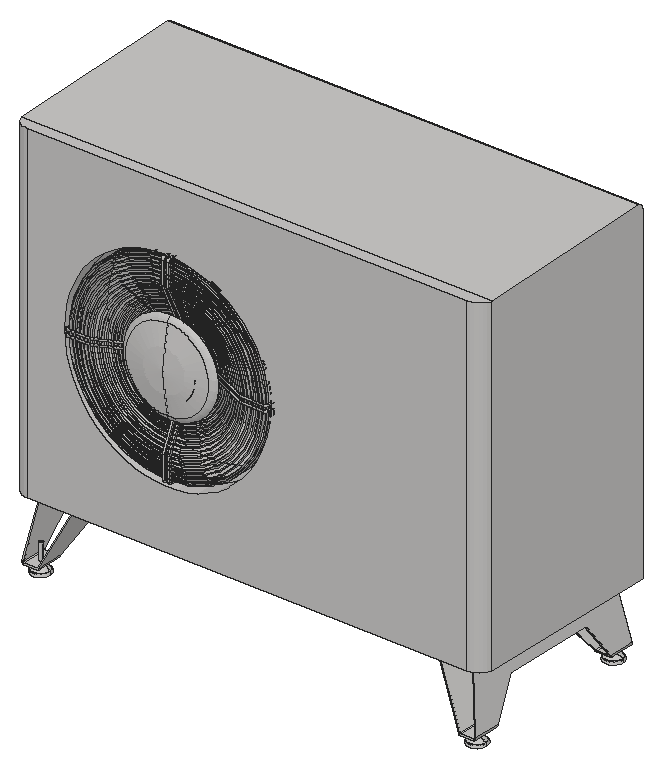
Revit family "HVAC_Water-Heaters_Enertech_CTC-EcoAir-510M", category Specialty Equipment, Revit 2017
Family settings
  Round Connector Dimension = Use Diameter
  Part Type = Normal
  OmniClass Number = 23.75.00.00
  OmniClass Title = Climate Control (HVAC)
  Work Plane-Based = No
  Always vertical = Yes
  Cut with Voids When Loaded = No
  Shared = No
  Room Calculation Point = No
Parameters (values of type "CTC EcoAir 510M - 230V1N")
  Weight = "119 kg"
  WaterVolumeWaterSuply = "N/A"
  WaterVolumeHeathingSystem = "1.9 liters"
  WarrantyStartDate [instance] = "n/a"
  WarrantyGuarantorParts = "n/a"
  WarrantyGuarantorLabor = "n/a"
  WarrantyDurationUnit = "Year"
  WarrantyDurationParts = "n/a"
  WarrantyDurationLabor = "n/a"
  WarrantyDescription = "n/a"
  VersionDate = "10/11/2020"  # constant formula
  Version = "1"  # constant formula
  UsageCurrent = 0 A
  Uniclass2015Reference = "Pr_40_70_65"
  Uniclass2015Description = "Preparation catering equipment"
  Uniclass2 = "Pr_40_70_65"
  URL = "https://ctc-heating.com/products/air-to-water-heat-pumps"
  UNSPSCCode = "40101806"
  Type Comments = ""
  Touchscreen = "no"
  TagNumber [instance] = "n/a"
  SustainabilityPerformance = "n/a"
  Status = "n/a"
  SpecifiedOutput = "2.52 kW"
  SoundPowerLWA = "59.7 dB"
  Sound pressureLPA 5m = "40 dB"
  Sound pressureLPA 1m = "N/A"
  Sound pressureLPA 10m = "33 dB"
  Size = "545x1245x1080 mm"
  Shape = "Rectangular"
  SerialNumber [instance] = ""
  SEERWarm = "N/A"
  SEERModerate = "N/A"
  SEERCold = "N/A"
  SCOPWarm = "5.5"
  SCOPModerate = "4.3"
  SCOPCold = "3.9"
  Revision = "4"  # constant formula
  ReplacementCost = "n/a"
  RefrigerantType = "R410A"
  RefrigerantQuantity = "2.8 kg"
  ReferenceAirFlowRate = "N/A"
  Reference = "n/a"
  RatedVoltage = 230 V
  RatedHeatOutputModerate = "4 kW"
  RatedCurrent = 20.8 A
  PumpMainMaterial = Stainless Steel
  ProductInformation = "The CTC EcoAir 510M is a variable-speed heat pump with an output of 2-10 kW that automatically adapts to the building's output requirements during the year. Model: 510M"
  PowerFactor = 0 W
  PhaseReference = "n/a"
  PhaseAngle = 0.00°
  OutputRangeIimmersionHeater = "N/A"
  OutputRange = "2-10 kW"
  NumberOfPoles = 1
  NominalWidth = 1245 mm
  NominalVoltage = 230 V
  NominalHeight = 1080 mm
  NominalFrequencyRange = 50 Hz
  NominalDepth = 545 mm
  NominalCurrent = 0 A
  Name = "CTC-EcoAir-510M"  # constant formula
  NBSReference = "90-40-40/320"
  NBSDescription = "Air to water heat pumps"
  ModelReference = "n/a"
  ModelNumber = "587601001"
  MinimumCeilingHeight = "N/A"
  MaxStartingCurrent = "2.8 A"
  MaxOperatingPressureThermalStore = "3 bar"
  MaxOperatingPressureHotWater = "N/A"
  MaxAirFlowRate = "3800 m3/h"
  Material = "Steel/copper"
  ManufacturerURL = "https://ctc.se/"
  ManufacturerName = "Enertech AB"
  Model = "CTC EcoAir 510M"
  ManufacturerCountry = "Sweden"
  Manufacturer = "Enertech AB"
  InsulationStandardClass = "n/a"
  InstallationDate [instance] = "n/a"
  InPutPower = "0.54 kW"
  IfcExportType = "HEATER"  # constant formula
  IfcExportAs = "IfcElectricalDeviceCommon"  # constant formula
  IP_Code = "IP X4"
  HotTapWaterPerformance = "N/A"
  HasProtectiveEarth = yes
  GroupFuse = "25 A"
  Grade = "n/a"
  Finish = "n/a"
  Features = "n/a"
  ExpectedLife = "n/a"
  EnergyClass_HotWater_TapProfile = "N/A"
  EnergyClassHeatingWithoutControl = "A++ / A++"
  EnergyClassHeatingWithControl = "A+++ / A++"
  EANNumber = ""
  DurationUnit = "Year"
  Description = "The CTC EcoAir 510M is a variable-speed heat pump with an output of 2-10 kW that automatically adapts to the building's output requirements during the year. Model: 510M"
  Cost = 0
  ConvergoRefNr = "0091-1710-0002-SE"
  Constituents = "n/a"
  ConductorFunction = "n/a"
  Color = "grey"
  CodePerformance = "n/a"
  Capacity = "Variable"
  COP = "4.67"
  CO2Equivalent = "4.594 tonnes"
  BrineSystem_Min_MaxPressure = "0.2 - 3.0 bar"
  Barcode [instance] = "n/a"
  AssetIdentifier [instance] = "n/a"
  Category = "Heat Pumps, Air-to-water"
  Brand = "CTC"
  BIMObjectName = "HVAC_Water-Heaters_Enertech_CTC-EcoAir-510M"  # constant formula
  Author = "Convergo AB"  # constant formula
  AssetType = "Fixed"
  AirFlow = "2350 m3/h"
  Accessories = ""
  AccessibilityPerformance = "n/a"
Reference planes
  plane 1 "Center (Front/Back)": y = 0
  plane 2: z = 0
  plane 3 "Center (Left/Right)": x = 0
  plane 4: x = -622.5
  plane 5: x = 622.5
  plane 6: y = 272.5
  plane 7: y = -272.5
  plane 8: z = 1080
Dimensions and locks
  equal spacing: plane 4, plane 3 "Center (Left/Right)", plane 5
  "NominalWidth": plane 4 to plane 5
  equal spacing: plane 6, plane 1 "Center (Front/Back)", plane 7
  "NominalDepth": plane 6 to plane 7
  "NominalHeight": plane 8 to level
  aligned and locked: level to plane 2
Nested families
  nested 1: "614" at (0, 0, 0), FanCap <- "PumpMainMaterial", Metal <- "PumpMainMaterial", type "614"
    with Metal Stainless Steel, FanCap Stainless Steel
Connectors
  electrical at (540.558, 300.904, 965.722)
    settings: on nested 1, index 4, voltage 0 V, apparent load 0 VA, apparent load phase1 0 VA, apparent load phase2 0 VA, apparent load phase3 0 VA, power factor 1, load classification "Other", number of poles 1, system type 31, power factor state 1, is connector primary yes, connector utility no, sub classification motor no, connector description ""
  piping at (537.759, 307.69, 784.435), diameter 28
    settings: on nested 1, index 5, connector inside diameter 609.6 mm, connector length 0 mm, flow factor 0, pipe flow 0.0 L/s, pressure drop 0.0 Pa, fitting loss kfactor 0, connector angle 0.00°, fixture units 0, engagement length 0 mm, angle of deflection 0.00°, flow configuration 0, flow direction 2, fitting loss method 0, system type 19, joint type 0, gender type 0, connector reference index -1, connector utility 0, adjustable connector no, is connector primary yes, connector description ""
  piping at (-91.596, 227.688, 160.958), diameter 42
    settings: on nested 1, index 6, connector inside diameter 609.6 mm, connector length 0 mm, flow factor 0, pipe flow 0.0 L/s, pressure drop 0.0 Pa, fitting loss kfactor 0, connector angle 0.00°, fixture units 0, engagement length 0 mm, angle of deflection 0.00°, flow configuration 0, flow direction 2, fitting loss method 0, system type 16, joint type 0, gender type 0, connector reference index -1, connector utility 0, adjustable connector no, is connector primary no, connector description ""
Definition of nested family "614"
  Parameters (values of type "614")
    Metal [instance] = none
    FanCap [instance] = none
  Reference planes
    plane 1 "Center (Front/Back)": y = 0
    plane 2: z = 0
    plane 3 "Center (Left/Right)": x = 0
    plane 4: y = 272.5
    plane 5: y = -272.5
    plane 6: x = -622.5
    plane 7: x = 622.5
    plane 8: z = 1080
  Forms (mm)
    Extrusion 1, solid, material <- "Metal", detail levels medium+fine
      sketch origin (0, -51.5, 0) x (1, 0, 0) y (0, 0, 1)
        loop
          line (-574.082, 182.179) -> (-600.551, 32.041)
          spline (-600.551, 32.041) -> (-600.646, 31.199) -> (-600.618, 30.351) -> (-600.469, 29.516) -> (-600.201, 28.711) -> (-599.82, 27.95) -> (-599.334, 27.251) -> (-598.752, 26.626) -> (-598.086, 26.089) -> (-597.35, 25.65) -> (-596.558, 25.318) -> (-595.726, 25.1) -> (-594.872, 25)
          line (-594.872, 25) -> (-560.514, 25)
          spline (-560.514, 25) -> (-559.958, 25.036) -> (-559.407, 25.122) -> (-558.867, 25.257) -> (-558.342, 25.44) -> (-557.836, 25.67) -> (-557.353, 25.943) -> (-556.897, 26.26) -> (-556.473, 26.615) -> (-556.083, 27.008) -> (-555.731, 27.433) -> (-555.42, 27.889) -> (-555.152, 28.37)
          line (-555.152, 28.37) -> (-479.238, 184.015)
          arc (-479.238, 184.015) -> (-478.132, 185.244) -> (-476.542, 185.7) r 3
          line (-476.542, 185.7) -> (-443, 185.7) -> (-443, 188.7) -> (-476.541, 188.7)
          arc (-476.541, 188.7) -> (-479.721, 187.789) -> (-481.934, 185.331) r 6
          line (-481.934, 185.331) -> (-557.839, 29.704)
          spline (-557.839, 29.704) -> (-557.976, 29.46) -> (-558.135, 29.23) -> (-558.315, 29.015) -> (-558.513, 28.816) -> (-558.729, 28.636) -> (-558.96, 28.477) -> (-559.206, 28.338) -> (-559.463, 28.222) -> (-559.73, 28.13) -> (-560.004, 28.062) -> (-560.283, 28.018) -> (-560.565, 28)
          line (-560.565, 28) -> (-594.758, 28)
          spline (-594.758, 28) -> (-595.186, 28.05) -> (-595.601, 28.159) -> (-595.997, 28.325) -> (-596.366, 28.545) -> (-596.698, 28.813) -> (-596.989, 29.125) -> (-597.232, 29.475) -> (-597.423, 29.855) -> (-597.557, 30.258) -> (-597.631, 30.676) -> (-597.645, 31.099) -> (-597.598, 31.521)
          line (-597.598, 31.521) -> (-571.129, 181.658)
          arc (-571.129, 181.658) -> (-572.441, 186.557) -> (-577.037, 188.7) r 6
          line (-577.037, 188.7) -> (-617.583, 188.7) -> (-617.583, 185.7) -> (-577.036, 185.7)
          arc (-577.036, 185.7) -> (-574.738, 184.628) -> (-574.082, 182.179) r 3
      from 209.05 to -322.5
    Extrusion 2, void
      sketch origin (0, -54.029, 0) x (0, 1, 0) y (0, 0, 1)
        loop
          line (320.757, 25) -> (292.005, 198.796) -> (-167.933, 198.796) -> (-198.014, 25) -> (-161.739, 25) -> (-130.105, 25) -> (-61.892, 123.298) -> (185.449, 123.298) -> (254.279, 25) -> (290.303, 25) -> (320.757, 25)
        loop
          line (398.479, -21.204) -> (398.479, 253.796) -> (-341.521, 253.796) -> (-341.521, -21.204) -> (398.479, -21.204)
      from 811.229 to -801.146
    Revolve 3, solid, material <- "Metal", detail levels medium+fine
      sketch origin (-65.118, 233.55, 0) x (-1, 0, 0) y (0, 0, 1)
        loop
          line (-642.631, 70) -> (-642.631, 0) -> (-616.967, 0) -> (-618.973, 6.04)
          arc (-618.973, 6.04) -> (-619.174, 6.44) -> (-619.48, 6.765) r 1.546
          line (-619.48, 6.765) -> (-630.811, 15.738)
          arc (-630.811, 15.738) -> (-631.165, 15.933) -> (-631.563, 16) r 1.211
          line (-631.563, 16) -> (-637.631, 16) -> (-637.631, 70) -> (-642.631, 70)
        axis (-642.631, 70) -> (-642.631, 0)
      angle from 0 to 360
    Revolve 4, solid, material <- "Metal", detail levels medium+fine
      sketch origin (65.118, 233.55, 0) x (1, 0, 0) y (0, 0, -1)
        loop
          line (-642.631, -70) -> (-637.631, -70) -> (-637.631, -16) -> (-631.563, -16)
          arc (-631.563, -16) -> (-631.165, -15.933) -> (-630.811, -15.738) r 1.211
          line (-630.811, -15.738) -> (-619.48, -6.765)
          arc (-619.48, -6.765) -> (-619.174, -6.44) -> (-618.973, -6.04) r 1.546
          line (-618.973, -6.04) -> (-616.967, 0) -> (-642.631, 0) -> (-642.631, -70)
        axis (-642.631, -70) -> (-642.631, 0)
      angle from 0 to 360
    Revolve 5, solid, material <- "Metal", detail levels medium+fine
      sketch origin (-65.118, -217.939, 0) x (-1, 0, 0) y (0, 0, 1)
        loop
          line (-642.631, 70) -> (-642.631, 0) -> (-616.967, 0) -> (-618.973, 6.04)
          arc (-618.973, 6.04) -> (-619.174, 6.44) -> (-619.48, 6.765) r 1.546
          line (-619.48, 6.765) -> (-630.811, 15.738)
          arc (-630.811, 15.738) -> (-631.165, 15.933) -> (-631.563, 16) r 1.211
          line (-631.563, 16) -> (-637.631, 16) -> (-637.631, 70) -> (-642.631, 70)
        axis (-642.631, 70) -> (-642.631, 0)
      angle from 0 to 360
    Revolve 6, solid, material <- "Metal", detail levels medium+fine
      sketch origin (65.118, -217.939, 0) x (1, 0, 0) y (0, 0, -1)
        loop
          line (-642.631, -70) -> (-637.631, -70) -> (-637.631, -16) -> (-631.563, -16)
          arc (-631.563, -16) -> (-631.165, -15.933) -> (-630.811, -15.738) r 1.211
          line (-630.811, -15.738) -> (-619.48, -6.765)
          arc (-619.48, -6.765) -> (-619.174, -6.44) -> (-618.973, -6.04) r 1.546
          line (-618.973, -6.04) -> (-616.967, 0) -> (-642.631, 0) -> (-642.631, -70)
        axis (-642.631, -70) -> (-642.631, 0)
      angle from 0 to 360
    Extrusion 7, solid, material <- "Metal", detail levels medium+fine
      sketch origin (0, -1.5, 0) x (0, 1, 0) y (0, 0, 1)
        loop
          line (274, 1008.908) -> (-222.527, 1008.908) -> (-222.527, 188.7) -> (274, 188.7) -> (274, 1008.908)
        loop
          line (269, 1003.908) -> (-218.527, 1003.908) -> (-218.527, 193.7) -> (269, 193.7) -> (269, 1003.908)
      from -622.5 to 622.5
    Extrusion 8, solid, material <- "Metal", detail levels medium+fine
      sketch origin (0, -51.5, 0) x (-1, 0, 0) y (0, 0, -1)
        loop
          arc (-574.082, -182.179) -> (-574.738, -184.628) -> (-577.036, -185.7) r 3
          line (-577.036, -185.7) -> (-617.583, -185.7) -> (-617.583, -188.7) -> (-577.037, -188.7)
          arc (-577.037, -188.7) -> (-572.441, -186.557) -> (-571.129, -181.658) r 6
          line (-571.129, -181.658) -> (-597.598, -31.521)
          spline (-597.598, -31.521) -> (-597.645, -31.099) -> (-597.631, -30.676) -> (-597.557, -30.258) -> (-597.423, -29.855) -> (-597.232, -29.475) -> (-596.989, -29.125) -> (-596.698, -28.813) -> (-596.366, -28.545) -> (-595.997, -28.325) -> (-595.601, -28.159) -> (-595.186, -28.05) -> (-594.758, -28)
          line (-594.758, -28) -> (-560.565, -28)
          spline (-560.565, -28) -> (-560.283, -28.018) -> (-560.004, -28.062) -> (-559.73, -28.13) -> (-559.463, -28.222) -> (-559.206, -28.338) -> (-558.96, -28.477) -> (-558.729, -28.636) -> (-558.513, -28.816) -> (-558.315, -29.015) -> (-558.135, -29.23) -> (-557.976, -29.46) -> (-557.839, -29.704)
          line (-557.839, -29.704) -> (-481.934, -185.331)
          arc (-481.934, -185.331) -> (-479.721, -187.789) -> (-476.541, -188.7) r 6
          line (-476.541, -188.7) -> (-443, -188.7) -> (-443, -185.7) -> (-476.542, -185.7)
          arc (-476.542, -185.7) -> (-478.132, -185.244) -> (-479.238, -184.015) r 3
          line (-479.238, -184.015) -> (-555.152, -28.37)
          spline (-555.152, -28.37) -> (-555.42, -27.889) -> (-555.731, -27.433) -> (-556.083, -27.008) -> (-556.473, -26.615) -> (-556.897, -26.26) -> (-557.353, -25.943) -> (-557.836, -25.67) -> (-558.342, -25.44) -> (-558.867, -25.257) -> (-559.407, -25.122) -> (-559.958, -25.036) -> (-560.514, -25)
          line (-560.514, -25) -> (-594.872, -25)
          spline (-594.872, -25) -> (-595.726, -25.1) -> (-596.558, -25.318) -> (-597.35, -25.65) -> (-598.086, -26.089) -> (-598.752, -26.626) -> (-599.334, -27.251) -> (-599.82, -27.95) -> (-600.201, -28.711) -> (-600.469, -29.516) -> (-600.618, -30.351) -> (-600.646, -31.199) -> (-600.551, -32.041)
          line (-600.551, -32.041) -> (-574.082, -182.179)
      from 209 to -322.5
    Extrusion 9, solid, material <- "Metal", detail levels medium+fine
      sketch origin (-622.5, -1.5, 0) x (0, -1, 0) y (0, 0, 1)
        loop
          line (-274, 1008.908) -> (-274, 188.7) -> (222.527, 188.7) -> (222.527, 1008.908) -> (-274, 1008.908)
      from 0 to -5
    Extrusion 10, solid, material <- "Metal", detail levels medium+fine
      sketch origin (622.5, -1.5, 0) x (0, -1, 0) y (0, 0, -1)
        loop
          line (-274, -1008.908) -> (222.527, -1008.908) -> (222.527, -188.7) -> (-274, -188.7) -> (-274, -1008.908)
      from 0 to -5
    Extrusion 11, solid, material <- "Metal", detail levels medium+fine
      sketch origin (0, -1.5, 0) x (0, 1, 0) y (0, 0, 1)
        loop
          line (274, 1008.908) -> (274, 1066.753)
          arc (274, 1066.753) -> (270.108, 1076.127) -> (260.72, 1079.987) r 13.234
          arc (260.72, 1079.987) -> (18.987, 1075.725) -> (-222.527, 1064.601) r 8515.48
          line (-222.527, 1064.601) -> (-222.527, 1008.908) -> (274, 1008.908)
      from -622.5 to 622.5
    Extrusion 12, solid, material <- "Metal", detail levels medium+fine
      sketch origin (0, -1.5, 0) x (1, 0, 0) y (0, 1, 0)
        loop
          arc (-582.016, -255.128) -> (0, -271) -> (582.016, -255.128) r 10678.744
          arc (582.016, -255.128) -> (607.217, -245.681) -> (622.5, -223.527) r 44.937
          line (622.5, -223.527) -> (622.5, -222.527) -> (-622.5, -222.527) -> (-622.5, -223.527)
          arc (-622.5, -223.527) -> (-607.217, -245.681) -> (-582.016, -255.128) r 44.937
      from 188.7 to 1064.601
    Extrusion 13, void
      sketch origin (0, -1.5, 0) x (1, 0, 0) y (0, 0, 1)
        loop
          circle (-203.5, 631) r 275
      from 0 to 447.102
    Extrusion 14, solid, material <- "Metal", detail levels medium+fine
      sketch origin (0, -1.5, 0) x (1, 0, 0) y (0, 0, 1)
        loop
          circle (-203.5, 631) r 275
        loop
          circle (-203.5, 631) r 280
      from 123.132 to 234.897
    Revolve 15, solid, material <- "Metal", detail levels medium+fine
      sketch origin (-203.5, -1.5, 0) x (0, 1, 0) y (0, 0, 1)
        loop
          circle (-217.288, 725.876) r 1.5
        loop
          circle (-220.823, 733.271) r 1.5
        loop
          circle (-224.213, 740.557) r 1.5
        loop
          circle (-227.642, 747.922) r 1.5
        loop
          circle (-230.934, 755.21) r 1.5
        loop
          circle (-234.429, 762.514) r 1.5
        loop
          circle (-237.879, 769.818) r 1.5
        loop
          circle (-241.329, 777.077) r 1.5
        loop
          circle (-244.69, 784.336) r 1.5
        loop
          circle (-248.095, 791.685) r 1.5
        loop
          circle (-252.307, 800.736) r 1.5
        loop
          circle (-256.564, 809.787) r 1.5
        loop
          circle (-260.776, 818.883) r 1.5
        loop
          circle (-265.102, 828.246) r 1.5
        loop
          circle (-266.228, 837.906) r 1.5
        loop
          circle (-266.11, 848.039) r 1.5
        loop
          circle (-266.11, 857.876) r 1.5
        loop
          circle (-266.11, 867.95) r 1.5
        loop
          circle (-266.2, 878.045) r 1.5
        loop
          circle (-266.2, 887.959) r 1.5
        loop
          circle (-259.758, 893.112) r 1.5
        loop
          circle (-250.174, 893.008) r 1.5
        loop
          circle (-240.589, 893.112) r 1.5
        loop
          circle (-232.602, 893.008) r 1.5
        loop
          circle (-224.666, 893.06) r 1.5
        axis (-267.728, 631) -> (-215.788, 631)
      angle from 0 to 360
    Sweep 16, solid, material <- "Metal", detail levels medium+fine
      path origin (0, -1.5, 0) x (0, 1, 0) y (0, 0, 1)
        loop
          line (-220.425, 929.012) -> (-220.425, 902.301)
          arc (-220.425, 902.301) -> (-222.183, 898.058) -> (-226.425, 896.301) r 6
          line (-226.425, 896.301) -> (-265.552, 896.301)
          arc (-265.552, 896.301) -> (-268.38, 895.129) -> (-269.552, 892.301) r 4
          line (-269.552, 892.301) -> (-269.552, 829.288) -> (-218.974, 720.823) -> (-218.974, 682.016)
      profile origin (0, -221.925, 915.657) x (1, 0, 0) y (0, 1, 0)
        loop
          circle (-211.979, 0) r 2.507
    Sweep 17, solid, material <- "Metal", detail levels medium+fine
      path origin (14, -1.5, 0) x (0, 1, 0) y (0, 0, 1)
        loop
          line (-220.425, 929.012) -> (-220.425, 902.301)
          arc (-220.425, 902.301) -> (-222.183, 898.058) -> (-226.425, 896.301) r 6
          line (-226.425, 896.301) -> (-265.552, 896.301)
          arc (-265.552, 896.301) -> (-268.38, 895.129) -> (-269.552, 892.301) r 4
          line (-269.552, 892.301) -> (-269.552, 829.288) -> (-218.974, 720.823) -> (-218.974, 682.016)
      profile origin (14, -221.925, 915.657) x (1, 0, 0) y (0, 1, 0)
        loop
          circle (-211.979, 0) r 2.507
    Sweep 18, solid, material <- "Metal", detail levels medium+fine
      path origin (-834.5, -1.5, 427.5) x (1, 0, 0) y (0, 1, 0)
        loop
          line (929.012, -220.425) -> (902.301, -220.425)
          arc (902.301, -220.425) -> (898.058, -222.183) -> (896.301, -226.425) r 6
          line (896.301, -226.425) -> (896.301, -265.552)
          arc (896.301, -265.552) -> (895.129, -268.38) -> (892.301, -269.552) r 4
          line (892.301, -269.552) -> (829.288, -269.552) -> (720.823, -218.974) -> (682.016, -218.974)
      profile origin (81.157, -221.925, 427.5) x (0, -1, 0) y (0, 0, 1)
        loop
          circle (0, 211.979) r 2.507
    Sweep 19, solid, material <- "Metal", detail levels medium+fine
      path origin (-834.5, -1.5, 413.5) x (1, 0, 0) y (0, 1, 0)
        loop
          line (929.012, -220.425) -> (902.301, -220.425)
          arc (902.301, -220.425) -> (898.058, -222.183) -> (896.301, -226.425) r 6
          line (896.301, -226.425) -> (896.301, -265.552)
          arc (896.301, -265.552) -> (895.129, -268.38) -> (892.301, -269.552) r 4
          line (892.301, -269.552) -> (829.288, -269.552) -> (720.823, -218.974) -> (682.016, -218.974)
      profile origin (81.157, -221.925, 413.5) x (0, -1, 0) y (0, 0, 1)
        loop
          circle (0, 211.979) r 2.507
    Sweep 20, solid, material <- "Metal", detail levels medium+fine
      path origin (-407, -1.5, 1262) x (0, 1, 0) y (0, 0, -1)
        loop
          line (-220.425, 929.012) -> (-220.425, 902.301)
          arc (-220.425, 902.301) -> (-222.183, 898.058) -> (-226.425, 896.301) r 6
          line (-226.425, 896.301) -> (-265.552, 896.301)
          arc (-265.552, 896.301) -> (-268.38, 895.129) -> (-269.552, 892.301) r 4
          line (-269.552, 892.301) -> (-269.552, 829.288) -> (-218.974, 720.823) -> (-218.974, 682.016)
      profile origin (-407, -221.925, 346.343) x (0, 1, 0) y (-1, 0, 0)
        loop
          circle (0, -211.979) r 2.507
    Sweep 21, solid, material <- "Metal", detail levels medium+fine
      path origin (-421, -1.5, 1262) x (0, 1, 0) y (0, 0, -1)
        loop
          line (-220.425, 929.012) -> (-220.425, 902.301)
          arc (-220.425, 902.301) -> (-222.183, 898.058) -> (-226.425, 896.301) r 6
          line (-226.425, 896.301) -> (-265.552, 896.301)
          arc (-265.552, 896.301) -> (-268.38, 895.129) -> (-269.552, 892.301) r 4
          line (-269.552, 892.301) -> (-269.552, 829.288) -> (-218.974, 720.823) -> (-218.974, 682.016)
      profile origin (-421, -221.925, 346.343) x (0, 1, 0) y (-1, 0, 0)
        loop
          circle (0, -211.979) r 2.507
    Sweep 22, solid, material <- "Metal", detail levels medium+fine
      path origin (427.5, -1.5, 834.5) x (0, 1, 0) y (-1, 0, 0)
        loop
          line (-220.425, 929.012) -> (-220.425, 902.301)
          arc (-220.425, 902.301) -> (-222.183, 898.058) -> (-226.425, 896.301) r 6
          line (-226.425, 896.301) -> (-265.552, 896.301)
          arc (-265.552, 896.301) -> (-268.38, 895.129) -> (-269.552, 892.301) r 4
          line (-269.552, 892.301) -> (-269.552, 829.288) -> (-218.974, 720.823) -> (-218.974, 682.016)
      profile origin (-488.157, -221.925, 834.5) x (0, 1, 0) y (0, 0, 1)
        loop
          circle (0, -211.979) r 2.507
    Sweep 23, solid, material <- "Metal", detail levels medium+fine
      path origin (427.5, -1.5, 848.5) x (0, 1, 0) y (-1, 0, 0)
        loop
          line (-220.425, 929.012) -> (-220.425, 902.301)
          arc (-220.425, 902.301) -> (-222.183, 898.058) -> (-226.425, 896.301) r 6
          line (-226.425, 896.301) -> (-265.552, 896.301)
          arc (-265.552, 896.301) -> (-268.38, 895.129) -> (-269.552, 892.301) r 4
          line (-269.552, 892.301) -> (-269.552, 829.288) -> (-218.974, 720.823) -> (-218.974, 682.016)
      profile origin (-488.157, -221.925, 848.5) x (0, 1, 0) y (0, 0, 1)
        loop
          circle (0, -211.979) r 2.507
    Revolve 24, solid, material <- "FanCap", detail levels medium+fine
      sketch origin (-203.5, -1.5, 0) x (0, 1, 0) y (0, 0, 1)
        loop
          arc (-254.2, 756) -> (-260.741, 749.684) -> (-264.628, 741.463) r 25.312
          arc (-264.628, 741.463) -> (-275.489, 686.705) -> (-279.13, 631) r 427.951
          line (-279.13, 631) -> (-223.7, 631) -> (-223.7, 707.538) -> (-269.181, 707.538)
          arc (-269.181, 707.538) -> (-265.787, 724.188) -> (-261.73, 740.689) r 424.951
          arc (-261.73, 740.689) -> (-258.885, 747.083) -> (-254.2, 752.282) r 22.312
          line (-254.2, 752.282) -> (-254.2, 756)
        axis (-223.7, 631) -> (-279.13, 631)
      angle from 0 to 360
    Extrusion 25, solid, material <- "Metal", detail levels medium+fine
      sketch origin (0, -1.5, 0) x (1, 0, 0) y (0, 1, 0)
        loop
          circle (-91.596, 229.188) r 21
      from 160.958 to 193.7
    Extrusion 26, solid, material <- "Metal", detail levels medium+fine
      sketch origin (0, -1.5, 0) x (1, 0, 0) y (0, 0, 1)
        loop
          circle (537.759, 784.435) r 14
      from -309.19 to -267.5
    Extrusion 27, solid, material <- "Metal", detail levels medium+fine
      sketch origin (0, -1.5, -475.979) x (1, 0, 0) y (0, 0, 1)
        loop
          circle (537.759, 784.435) r 14
      from -309.19 to -267.5
    Extrusion 28, solid, material <- "Metal", detail levels medium+fine
      sketch origin (0, -1.5, 0) x (1, 0, 0) y (0, 0, 1)
        loop
          circle (540.558, 965.722) r 16.5
      from -302.404 to -269.41
    Extrusion 29, solid, material <- "Metal", detail levels coarse
      sketch origin (0, 0, 0) x (1, 0, 0) y (0, 1, 0)
        loop
          line (-622.5, 272.5) -> (-622.5, -272.5) -> (622.5, -272.5) -> (622.5, 272.5) -> (-622.5, 272.5)
      from 0 to 1080
  Cuts and joins
    Extrusion 2 cuts Extrusion 1
    Extrusion 13 cuts Extrusion 7
    Extrusion 2 cuts Extrusion 8
    Extrusion 13 cuts Extrusion 12
    joined: Extrusion 1, Revolve 3, Revolve 4, Revolve 5, Revolve 6, Extrusion 7, Extrusion 8, Extrusion 9, Extrusion 10, Extrusion 11, Extrusion 12, Extrusion 14, Revolve 15, Sweep 16, Sweep 17, Sweep 18, Sweep 19, Sweep 20, Sweep 21, Sweep 22, Sweep 23, Extrusion 25, Extrusion 26, Extrusion 27, Extrusion 28
  Lines and regions (mm)
    symbolic lines, detail levels medium+fine
      curve 1: line (-622.5, -224.91, 0) -> (-622.5, 260.196, 0)
      curve 2: line (610.196, 272.5, 0) -> (551.759, 272.5, 0)
      curve 3: arc (-610.196, 272.5, 0) -> (-618.896, 268.896, 0) -> (-622.5, 260.196, 0) r 12.304
      curve 4: line (0, 272.5, 1005) -> (0, 272.5, 1065.494)
      curve 5: arc (0, 257.95, 1080.001) -> (0, 20.236, 1075.926) -> (0, -217.266, 1065.104) r 8374.927
      curve 6: line (0, -272.5, 1032.655) -> (0, -272.5, 267.655)
      curve 7: arc (0, -243.205, 191.02) -> (0, -259.16, 228.838) -> (0, -272.5, 267.655) r 602.005
      curve 8: line (0, -223.883, 188.7) -> (0, -239.575, 188.7)
      curve 9: line (0, -223.883, 188.7) -> (0, -251.239, 25)
      curve 10: line (0, -251.239, 25) -> (0, -222.939, 25)
      curve 11: line (0, -241.09, 6.765) -> (0, -229.76, 15.738)
      curve 12: arc (0, -241.598, 6.04) -> (0, -241.397, 6.44) -> (0, -241.09, 6.765) r 1.546
      curve 13: line (0, -243.604, 0) -> (0, -241.598, 6.04)
      curve 14: arc (0, -229.76, 15.738) -> (0, -229.406, 15.933) -> (0, -229.008, 16) r 1.211
      curve 15: line (0, -222.939, 16) -> (0, -229.008, 16)
      curve 16: line (0, -192.275, 0) -> (0, -243.604, 0)
      curve 17: line (0, -192.275, 0) -> (0, -194.281, 6.04)
      curve 18: arc (0, -194.281, 6.04) -> (0, -194.482, 6.44) -> (0, -194.789, 6.765) r 1.546
      curve 19: line (0, -194.789, 6.765) -> (0, -206.119, 15.738)
      curve 20: arc (0, -206.119, 15.738) -> (0, -206.473, 15.933) -> (0, -206.871, 16) r 1.211
      curve 21: line (0, -212.939, 16) -> (0, -206.871, 16)
      curve 22: line (0, -212.939, 16) -> (0, -212.939, 25)
      curve 23: line (0, -222.939, 16) -> (0, -222.939, 25)
      curve 24: line (0, -212.939, 25) -> (0, -184.133, 25)
      curve 25: line (0, -115.921, 123.298) -> (0, -184.133, 25)
      curve 26: line (0, 131.421, 123.298) -> (0, -115.921, 123.298)
      curve 27: line (0, 200.25, 25) -> (0, 131.421, 123.298)
      curve 28: line (0, 266.739, 25) -> (0, 238.439, 25)
      curve 29: line (0, 256.59, 6.765) -> (0, 245.26, 15.738)
      curve 30: arc (0, 257.098, 6.04) -> (0, 256.897, 6.44) -> (0, 256.59, 6.765) r 1.546
      curve 31: line (0, 259.104, 0) -> (0, 257.098, 6.04)
      curve 32: arc (0, 245.26, 15.738) -> (0, 244.906, 15.933) -> (0, 244.508, 16) r 1.211
      curve 33: line (0, 238.439, 16) -> (0, 244.508, 16)
      curve 34: line (0, 207.775, 0) -> (0, 259.104, 0)
      curve 35: line (0, 207.775, 0) -> (0, 209.781, 6.04)
      curve 36: arc (0, 209.781, 6.04) -> (0, 209.982, 6.44) -> (0, 210.289, 6.765) r 1.546
      curve 37: line (0, 210.289, 6.765) -> (0, 221.619, 15.738)
      curve 38: arc (0, 221.619, 15.738) -> (0, 221.973, 15.933) -> (0, 222.371, 16) r 1.211
      curve 39: line (0, 228.439, 16) -> (0, 222.371, 16)
      curve 40: line (0, 228.439, 16) -> (0, 228.439, 25)
      curve 41: line (0, 238.439, 16) -> (0, 238.439, 25)
      curve 42: line (0, 228.439, 25) -> (0, 199.447, 25)
      curve 43: line (0, 131.421, 123.298) -> (0, 199.633, 25)
      curve 44: line (0, 266.739, 25) -> (0, 239.383, 188.7)
      curve 45: line (0, 272.5, 188.7) -> (0, 239.383, 188.7)
      curve 46: line (0, 272.5, 188.7) -> (0, 272.5, 294.457)
      curve 47: arc (0, 272.5, 1065.494) -> (0, 268.236, 1075.768) -> (0, 257.95, 1080.001) r 14.507
      curve 49: arc (0, -239.575, 188.7) -> (0, -241.729, 189.33) -> (0, -243.205, 191.02) r 4
      curve 50: arc (0, -217.266, 1065.104) -> (0, -228.9, 1064.171) -> (0, -240.487, 1062.765) r 286.888
      curve 51: arc (0, -240.487, 1062.765) -> (0, -251.113, 1060.281) -> (0, -261.136, 1055.966) r 61.737
      curve 52: arc (0, -271.174, 1043.404) -> (0, -272.167, 1038.07) -> (0, -272.5, 1032.655) r 44.231
      curve 53: arc (0, -261.136, 1055.966) -> (0, -267.433, 1050.706) -> (0, -271.174, 1043.404) r 20.571
      curve 62: line (622.5, -224.91, 0) -> (622.5, 260.196, 0)
      curve 63: arc (610.196, 272.5, 0) -> (618.896, 268.896, 0) -> (622.5, 260.196, 0) r 12.304
      curve 64: line (-620.542, -228.878, 0) -> (-583.97, -256.914, 0)
      curve 65: arc (-622.5, -224.91, 0) -> (-621.984, -227.122, 0) -> (-620.542, -228.878, 0) r 5
      curve 66: arc (-583.97, -256.914, 0) -> (-581.837, -258.088, 0) -> (-579.45, -258.574, 0) r 8.094
      curve 67: line (620.542, -228.878, 0) -> (583.97, -256.914, 0)
      curve 68: arc (622.5, -224.91, 0) -> (621.984, -227.122, 0) -> (620.542, -228.878, 0) r 5
      curve 69: arc (583.97, -256.914, 0) -> (581.454, -258.218, 0) -> (578.642, -258.574, 0) r 8.094
      curve 70: arc (-579.45, -258.574, 0) -> (-526.223, -261.114, 0) -> (-472.984, -263.409, 0) r 11590.776
      curve 71: line (-472.984, -263.409, 0) -> (-472.984, -265.642, 0)
      curve 72: line (-466.126, -272.5, 0) -> (-404.877, -272.5, 0)
      curve 73: arc (-472.984, -265.642, 0) -> (-470.975, -270.491, 0) -> (-466.126, -272.5, 0) r 6.858
      curve 74: line (-400.94, -271.627, 0) -> (-394.677, -268.707, 0)
      curve 75: arc (-404.877, -272.5, 0) -> (-402.861, -272.279, 0) -> (-400.94, -271.627, 0) r 9.316
      curve 76: line (-390.051, -272.5, 0) -> (-347.421, -272.5, 0)
      curve 77: arc (-347.421, -272.5, 0) -> (-345.08, -270.493, 0) -> (-346.705, -267.873, 0) r 2.369
      curve 78: arc (-394.677, -268.707, 0) -> (-393.042, -271.43, 0) -> (-390.051, -272.5, 0) r 4.717
      curve 80: arc (-346.705, -267.873, 0) -> (116.061, -272.462, 0) -> (578.642, -258.574, 0) r 11590.776
      curve 94: line (-622.5, 0, 1026.605) -> (-622.5, 0, 189)
      curve 95: line (-621.5, 0, 188) -> (-617.502, 0, 188)
      curve 96: arc (-622.5, 0, 189) -> (-622.207, 0, 188.293) -> (-621.5, 0, 188) r 1
      curve 97: line (-617.502, 0, 185) -> (-617.502, 0, 188)
      curve 98: line (-617.502, 0, 185) -> (-577.077, 0, 185)
      curve 99: line (-574.123, 0, 181.479) -> (-600.472, 0, 32.042)
      curve 100: line (-594.564, 0, 25) -> (-582.513, 0, 25)
      curve 101: arc (-600.472, 0, 32.042) -> (-599.16, 0, 27.143) -> (-594.564, 0, 25) r 6
      curve 102: arc (-577.077, 0, 185) -> (-574.779, 0, 183.928) -> (-574.123, 0, 181.479) r 3
      curve 103: line (-582.513, 0, 16) -> (-582.513, 0, 25)
      curve 104: line (-588.582, 0, 16) -> (-582.513, 0, 16)
      curve 105: line (-600.664, 0, 6.765) -> (-589.334, 0, 15.738)
      curve 106: arc (-601.172, 0, 6.04) -> (-600.971, 0, 6.44) -> (-600.664, 0, 6.765) r 1.546
      curve 107: line (-603.178, 0, 0) -> (-601.172, 0, 6.04)
      curve 108: line (-603.178, 0, 0) -> (-551.849, 0, 0)
      curve 109: arc (-589.334, 0, 15.738) -> (-588.98, 0, 15.933) -> (-588.582, 0, 16) r 1.211
      curve 110: line (-553.855, 0, 6.04) -> (-551.849, 0, 0)
      curve 111: arc (-554.363, 0, 6.765) -> (-554.056, 0, 6.44) -> (-553.855, 0, 6.04) r 1.546
      curve 112: line (-565.693, 0, 15.738) -> (-554.363, 0, 6.765)
      curve 113: arc (-566.445, 0, 16) -> (-566.047, 0, 15.933) -> (-565.693, 0, 15.738) r 1.211
      curve 114: line (-572.513, 0, 25) -> (-572.513, 0, 16)
      curve 115: line (-572.513, 0, 16) -> (-566.445, 0, 16)
      curve 116: line (-572.513, 0, 25) -> (-560.512, 0, 25)
      curve 121: line (-476.802, 0, 185) -> (-450.093, 0, 185)
      curve 122: line (-447.41, 0, 185.633) -> (-442.677, 0, 188)
      curve 123: line (442.677, 0, 188) -> (-70.596, 0, 188)
      curve 124: arc (-450.093, 0, 185) -> (-448.715, 0, 185.161) -> (-447.41, 0, 185.633) r 6
      curve 125: line (-555.071, 0, 28.37) -> (-479.499, 0, 183.315)
      curve 126: arc (-479.499, 0, 183.315) -> (-478.392, 0, 184.544) -> (-476.802, 0, 185) r 3
      curve 127: arc (-560.512, 0, 25) -> (-557.312, 0, 25.911) -> (-555.071, 0, 28.37) r 6.078
      curve 128: line (621.5, 0, 188) -> (617.502, 0, 188)
      curve 129: arc (622.5, 0, 189) -> (622.207, 0, 188.293) -> (621.5, 0, 188) r 1
      curve 130: line (617.502, 0, 185) -> (617.502, 0, 188)
      curve 131: line (617.502, 0, 185) -> (577.077, 0, 185)
      curve 132: line (574.123, 0, 181.479) -> (600.472, 0, 32.042)
      curve 133: line (594.564, 0, 25) -> (582.513, 0, 25)
      curve 134: arc (600.472, 0, 32.042) -> (599.16, 0, 27.143) -> (594.564, 0, 25) r 6
      curve 135: arc (577.077, 0, 185) -> (574.779, 0, 183.928) -> (574.123, 0, 181.479) r 3
      curve 136: line (582.513, 0, 16) -> (582.513, 0, 25)
      curve 137: line (588.582, 0, 16) -> (582.513, 0, 16)
      curve 138: line (600.664, 0, 6.765) -> (589.334, 0, 15.738)
      curve 139: arc (601.172, 0, 6.04) -> (600.971, 0, 6.44) -> (600.664, 0, 6.765) r 1.546
      curve 140: line (603.178, 0, 0) -> (601.172, 0, 6.04)
      curve 141: line (603.178, 0, 0) -> (551.849, 0, 0)
      curve 142: arc (589.334, 0, 15.738) -> (588.98, 0, 15.933) -> (588.582, 0, 16) r 1.211
      curve 143: line (553.855, 0, 6.04) -> (551.849, 0, 0)
      curve 144: arc (554.363, 0, 6.765) -> (554.056, 0, 6.44) -> (553.855, 0, 6.04) r 1.546
      curve 145: line (565.693, 0, 15.738) -> (554.363, 0, 6.765)
      curve 146: arc (566.445, 0, 16) -> (566.047, 0, 15.933) -> (565.693, 0, 15.738) r 1.211
      curve 147: line (572.513, 0, 25) -> (572.513, 0, 16)
      curve 148: line (572.513, 0, 16) -> (566.445, 0, 16)
      curve 149: line (572.513, 0, 25) -> (560.512, 0, 25)
      curve 150: line (476.802, 0, 185) -> (450.093, 0, 185)
      curve 151: line (447.41, 0, 185.633) -> (442.677, 0, 188)
      curve 152: arc (450.093, 0, 185) -> (448.715, 0, 185.161) -> (447.41, 0, 185.633) r 6
      curve 153: line (555.071, 0, 28.37) -> (479.499, 0, 183.315)
      curve 154: arc (479.499, 0, 183.315) -> (478.392, 0, 184.544) -> (476.802, 0, 185) r 3
      curve 155: arc (560.512, 0, 25) -> (557.312, 0, 25.911) -> (555.071, 0, 28.37) r 6.078
      curve 156: line (622.5, 0, 1026.605) -> (622.5, 0, 189)
      curve 157: arc (-619.573, 0, 1034.296) -> (-621.744, 0, 1030.719) -> (-622.5, 0, 1026.605) r 11.568
      curve 158: arc (-588.272, 0, 1068.783) -> (-604.007, 0, 1051.616) -> (-619.573, 0, 1034.296) r 2385.259
      curve 159: arc (-583.628, 0, 1071.492) -> (-586.152, 0, 1070.484) -> (-588.272, 0, 1068.783) r 9.218
      curve 160: arc (619.573, 0, 1034.296) -> (621.744, 0, 1030.719) -> (622.5, 0, 1026.605) r 11.568
      curve 161: arc (588.272, 0, 1068.783) -> (604.007, 0, 1051.616) -> (619.573, 0, 1034.296) r 2385.259
      curve 162: arc (583.628, 0, 1071.492) -> (586.152, 0, 1070.484) -> (588.272, 0, 1068.783) r 9.218
      curve 163: arc (-583.628, 0, 1071.492) -> (0, 0, 1080) -> (583.628, 0, 1071.492) r 20022.066
      curve 340: line (-112.596, 0, 160.958) -> (-70.596, 0, 160.958)
      curve 341: line (-70.596, 0, 160.958) -> (-70.596, 0, 188)
      curve 342: line (-112.596, 0, 160.958) -> (-112.596, 0, 188)
      curve 343: line (-112.596, 0, 188) -> (-442.677, 0, 188)
      curve 345: line (0, 300.904, 982.222) -> (0, 300.904, 949.222)
      curve 346: line (0, 300.904, 982.222) -> (0, 272.5, 982.222)
      curve 347: line (0, 300.904, 949.222) -> (0, 272.5, 949.222)
      curve 348: line (0, 307.69, 798.435) -> (0, 307.69, 770.435)
      curve 349: line (0, 307.69, 798.435) -> (0, 272.5, 798.435)
      curve 350: line (0, 307.69, 770.435) -> (0, 272.5, 770.435)
      curve 351: line (0, 307.69, 322.457) -> (0, 307.69, 294.457)
      curve 352: line (0, 307.69, 294.457) -> (0, 272.5, 294.457)
      curve 353: line (0, 307.69, 322.457) -> (0, 272.5, 322.457)
      curve 354: line (0, 272.5, 322.457) -> (0, 272.5, 770.435)
      curve 355: line (0, 272.5, 798.435) -> (0, 272.5, 949.222)
      curve 356: line (0, 272.5, 982.222) -> (0, 272.5, 1005)
      curve 360: line (523.759, 307.69, 0) -> (523.759, 272.5, 0)
      curve 361: line (523.759, 307.69, 0) -> (551.759, 307.69, 0)
      curve 362: line (551.759, 307.69, 0) -> (551.759, 272.5, 0)
      curve 363: line (523.759, 272.5, 0) -> (-610.196, 272.5, 0)
    symbolic lines, detail levels fine
      curve 48: line (0, 239.383, 188.7) -> (0, -223.883, 188.7)
      curve 54: arc (0, -272.5, 939.567) -> (0, -261.176, 632.067) -> (0, -272.5, 324.567) r 4180.571
      curve 55: line (0, 272.5, 1005) -> (0, -197, 1005)
      curve 56: line (0, -201, 188.7) -> (0, -201, 1001)
      curve 57: arc (0, -197, 1005) -> (0, -199.828, 1003.828) -> (0, -201, 1001) r 4
      curve 58: line (0, 272.5, 1026.605) -> (0, -215.474, 1026.605)
      curve 59: line (0, -225.474, 1016.605) -> (0, -225.474, 188.7)
      curve 60: arc (0, -215.474, 1026.605) -> (0, -222.545, 1023.676) -> (0, -225.474, 1016.605) r 10
      curve 61: line (0, -197, 1005) -> (0, -272.5, 1005)
      curve 79: arc (-472.984, -263.409, 0) -> (-409.85, -265.813, 0) -> (-346.705, -267.873, 0) r 11590.776
      curve 81: arc (-395.386, -266.315, 0) -> (-394.977, -267.495, 0) -> (-394.677, -268.707, 0) r 13.711
      curve 82: arc (-467.984, -265.642, 0) -> (-467.44, -266.956, 0) -> (-466.126, -267.5, 0) r 1.858
      curve 83: line (-467.984, -263.409, 0) -> (-467.984, -265.642, 0)
      curve 84: line (-466.126, -267.5, 0) -> (-404.877, -267.5, 0)
      curve 85: line (-403.053, -267.096, 0) -> (-400.968, -266.123, 0)
      curve 86: arc (-404.877, -267.5, 0) -> (-403.943, -267.398, 0) -> (-403.053, -267.096, 0) r 4.316
      curve 87: line (-389.154, -267.5, 0) -> (-358.952, -267.5, 0)
      curve 88: arc (-390.16, -266.492, 0) -> (-389.866, -267.205, 0) -> (-389.154, -267.5, 0) r 1.006
      curve 89: line (-462.25, -265.274, 0) -> (-424.812, -265.274, 0)
      curve 90: arc (-463.115, -267.5, 0) -> (-463.444, -266.091, 0) -> (-462.25, -265.274, 0) r 1.281
      curve 91: line (-583.9, 272.5, 0) -> (-583.9, -256.968, 0)
      curve 92: line (-622.5, -217.5, 0) -> (622.5, -217.5, 0)
      curve 93: line (583.9, 272.5, 0) -> (583.9, -256.968, 0)
      curve 117: line (0, -212.939, 16) -> (0, -222.939, 16)
      curve 118: line (0, -222.939, 25) -> (0, -212.939, 25)
      curve 119: line (0, 238.439, 16) -> (0, 228.439, 16)
      curve 120: line (0, 238.439, 25) -> (0, 228.439, 25)
      curve 164: line (-442.677, 0, 188) -> (-617.502, 0, 188)
      curve 165: line (-594.564, 0, 28) -> (-560.463, 0, 28)
      curve 166: line (-571.168, 0, 180.958) -> (-597.518, 0, 31.521)
      curve 167: line (-557.767, 0, 29.685) -> (-482.195, 0, 184.63)
      curve 168: arc (-577.077, 0, 188) -> (-572.481, 0, 185.857) -> (-571.168, 0, 180.958) r 6
      curve 169: arc (-482.195, 0, 184.63) -> (-479.982, 0, 187.088) -> (-476.802, 0, 188) r 6
      curve 170: arc (-597.518, 0, 31.521) -> (-596.862, 0, 29.072) -> (-594.564, 0, 28) r 3
      curve 171: arc (-560.463, 0, 28) -> (-558.874, 0, 28.456) -> (-557.767, 0, 29.685) r 3
      curve 172: line (442.677, 0, 188) -> (617.502, 0, 188)
      curve 173: line (594.564, 0, 28) -> (560.463, 0, 28)
      curve 174: line (571.168, 0, 180.958) -> (597.518, 0, 31.521)
      curve 175: line (557.767, 0, 29.685) -> (482.195, 0, 184.63)
      curve 176: arc (577.077, 0, 188) -> (572.481, 0, 185.857) -> (571.168, 0, 180.958) r 6
      curve 177: arc (482.195, 0, 184.63) -> (479.982, 0, 187.088) -> (476.802, 0, 188) r 6
      curve 178: arc (597.518, 0, 31.521) -> (596.862, 0, 29.072) -> (594.564, 0, 28) r 3
      curve 179: arc (560.463, 0, 28) -> (558.874, 0, 28.456) -> (557.767, 0, 29.685) r 3
      curve 180: line (-582.513, 0, 16) -> (-572.513, 0, 16)
      curve 181: line (-582.513, 0, 25) -> (-572.513, 0, 25)
      curve 182: line (582.513, 0, 16) -> (572.513, 0, 16)
      curve 183: line (582.513, 0, 25) -> (572.513, 0, 25)
      curve 184: circle (-203.5, 0, 631) r 285 normal (0, -1, 0)
      curve 185: circle (-203.5, 0, 631) r 125 normal (0, -1, 0)
      curve 186: line (-213.762, 0, 755.578) -> (-213.762, 0, 915.815)
      curve 187: line (-208.793, 0, 755.888) -> (-208.793, 0, 915.951)
      curve 188: line (-201.124, 0, 755.977) -> (-201.124, 0, 915.99)
      curve 189: line (-196.627, 0, 755.811) -> (-196.627, 0, 915.917)
      curve 190: line (-78.922, 0, 641.262) -> (81.315, 0, 641.262)
      curve 191: line (-78.612, 0, 636.293) -> (81.451, 0, 636.293)
      curve 192: line (-78.523, 0, 628.624) -> (81.49, 0, 628.624)
      curve 193: line (-78.689, 0, 624.127) -> (81.417, 0, 624.127)
      curve 194: line (-193.238, 0, 506.422) -> (-193.238, 0, 346.185)
      curve 195: line (-198.207, 0, 506.112) -> (-198.207, 0, 346.049)
      curve 196: line (-205.876, 0, 506.023) -> (-205.876, 0, 346.01)
      curve 197: line (-210.373, 0, 506.189) -> (-210.373, 0, 346.083)
      curve 198: line (-328.078, 0, 620.738) -> (-488.315, 0, 620.738)
      curve 199: line (-328.388, 0, 625.707) -> (-488.451, 0, 625.707)
      curve 200: line (-328.477, 0, 633.376) -> (-488.49, 0, 633.376)
      curve 201: line (-328.311, 0, 637.873) -> (-488.417, 0, 637.873)
      curve 202: arc (-466.988, 0, 633.376) -> (-466.995, 0, 629.541) -> (-466.946, 0, 625.707) r 263.499
      curve 203: arc (-461.996, 0, 633.376) -> (-462.003, 0, 629.541) -> (-461.953, 0, 625.707) r 258.507
      curve 204: arc (-365.731, 0, 633.376) -> (-365.742, 0, 629.541) -> (-365.662, 0, 625.707) r 162.249
      curve 205: arc (-358.482, 0, 633.376) -> (-358.493, 0, 629.541) -> (-358.41, 0, 625.707) r 155
      curve 206: arc (-351.227, 0, 633.376) -> (-351.239, 0, 629.541) -> (-351.152, 0, 625.707) r 147.746
      curve 207: arc (-343.48, 0, 633.376) -> (-343.492, 0, 629.541) -> (-343.4, 0, 625.707) r 140
      curve 208: arc (-336.372, 0, 633.376) -> (-336.385, 0, 629.54) -> (-336.288, 0, 625.707) r 132.893
      curve 209: arc (-374.662, 0, 633.376) -> (-374.673, 0, 629.541) -> (-374.597, 0, 625.707) r 171.179
      curve 210: arc (-383.484, 0, 633.376) -> (-383.494, 0, 629.541) -> (-383.422, 0, 625.707) r 180
      curve 211: arc (-392.808, 0, 633.376) -> (-392.818, 0, 629.541) -> (-392.749, 0, 625.707) r 189.323
      curve 212: arc (-421.917, 0, 633.376) -> (-421.925, 0, 629.541) -> (-421.866, 0, 625.707) r 218.43
      curve 213: arc (-402.032, 0, 633.376) -> (-402.041, 0, 629.541) -> (-401.976, 0, 625.707) r 198.546
      curve 214: arc (-411.847, 0, 633.376) -> (-411.856, 0, 629.541) -> (-411.794, 0, 625.707) r 208.361
      curve 215: arc (-441.986, 0, 633.376) -> (-441.993, 0, 629.541) -> (-441.939, 0, 625.707) r 238.498
      curve 216: arc (-431.918, 0, 633.376) -> (-431.926, 0, 629.541) -> (-431.869, 0, 625.707) r 228.43
      curve 217: arc (-452.055, 0, 633.376) -> (-452.062, 0, 629.541) -> (-452.01, 0, 625.707) r 248.567
      curve 218: circle (-203.5, 0, 631) r 117.732 normal (0, -1, 0)
      curve 219: arc (-213.762, 0, 763.496) -> (-298.663, 0, 723.761) -> (-336.215, 0, 637.873) r 132.893
      curve 220: arc (-213.762, 0, 770.623) -> (-303.688, 0, 728.787) -> (-343.331, 0, 637.873) r 140
      curve 221: arc (-213.762, 0, 778.39) -> (-309.166, 0, 734.265) -> (-351.086, 0, 637.873) r 147.746
      curve 222: arc (-213.762, 0, 785.66) -> (-314.295, 0, 739.395) -> (-358.348, 0, 637.873) r 155
      curve 223: arc (-213.762, 0, 792.924) -> (-319.421, 0, 744.521) -> (-365.603, 0, 637.873) r 162.249
      curve 224: arc (-213.762, 0, 801.871) -> (-325.736, 0, 750.836) -> (-374.541, 0, 637.873) r 171.179
      curve 225: arc (-213.762, 0, 810.707) -> (-331.973, 0, 757.074) -> (-383.369, 0, 637.873) r 180
      curve 226: arc (-213.762, 0, 820.045) -> (-338.566, 0, 763.667) -> (-392.699, 0, 637.873) r 189.323
      curve 227: arc (-213.762, 0, 829.281) -> (-345.088, 0, 770.189) -> (-401.927, 0, 637.873) r 198.546
      curve 228: arc (-213.762, 0, 839.108) -> (-352.028, 0, 777.129) -> (-411.748, 0, 637.873) r 208.361
      curve 229: arc (-213.762, 0, 849.189) -> (-359.148, 0, 784.25) -> (-421.822, 0, 637.873) r 218.43
      curve 230: arc (-213.762, 0, 859.2) -> (-366.219, 0, 791.321) -> (-431.827, 0, 637.873) r 228.43
      curve 231: arc (-213.762, 0, 869.277) -> (-373.338, 0, 798.44) -> (-441.899, 0, 637.873) r 238.498
      curve 232: arc (-213.762, 0, 879.355) -> (-380.458, 0, 805.56) -> (-451.972, 0, 637.873) r 248.567
      curve 233: arc (-213.762, 0, 889.303) -> (-387.487, 0, 812.589) -> (-461.916, 0, 637.873) r 258.507
      curve 234: arc (-213.762, 0, 894.299) -> (-391.017, 0, 816.119) -> (-466.91, 0, 637.873) r 263.499
      curve 235: arc (-201.124, 0, 894.488) -> (-204.959, 0, 894.495) -> (-208.793, 0, 894.446) r 263.499
      curve 236: arc (-201.124, 0, 889.496) -> (-204.959, 0, 889.503) -> (-208.793, 0, 889.453) r 258.507
      curve 237: arc (-201.124, 0, 793.231) -> (-204.959, 0, 793.242) -> (-208.793, 0, 793.162) r 162.249
      curve 238: arc (-201.124, 0, 785.982) -> (-204.959, 0, 785.993) -> (-208.793, 0, 785.91) r 155
      curve 239: arc (-201.124, 0, 778.727) -> (-204.959, 0, 778.739) -> (-208.793, 0, 778.652) r 147.746
      curve 240: arc (-201.124, 0, 770.98) -> (-204.959, 0, 770.992) -> (-208.793, 0, 770.9) r 140
      curve 241: arc (-201.124, 0, 763.872) -> (-204.96, 0, 763.885) -> (-208.793, 0, 763.788) r 132.893
      curve 242: arc (-201.124, 0, 802.162) -> (-204.959, 0, 802.173) -> (-208.793, 0, 802.097) r 171.179
      curve 243: arc (-201.124, 0, 810.984) -> (-204.959, 0, 810.994) -> (-208.793, 0, 810.922) r 180
      curve 244: arc (-201.124, 0, 820.308) -> (-204.959, 0, 820.318) -> (-208.793, 0, 820.249) r 189.323
      curve 245: arc (-201.124, 0, 849.417) -> (-204.959, 0, 849.425) -> (-208.793, 0, 849.366) r 218.43
      curve 246: arc (-201.124, 0, 829.532) -> (-204.959, 0, 829.541) -> (-208.793, 0, 829.476) r 198.546
      curve 247: arc (-201.124, 0, 839.347) -> (-204.959, 0, 839.356) -> (-208.793, 0, 839.294) r 208.361
      curve 248: arc (-201.124, 0, 869.486) -> (-204.959, 0, 869.493) -> (-208.793, 0, 869.439) r 238.498
      curve 249: arc (-201.124, 0, 859.418) -> (-204.959, 0, 859.426) -> (-208.793, 0, 859.369) r 228.43
      curve 250: arc (-201.124, 0, 879.555) -> (-204.959, 0, 879.562) -> (-208.793, 0, 879.51) r 248.567
      curve 251: arc (-71.004, 0, 641.262) -> (-110.739, 0, 726.163) -> (-196.627, 0, 763.715) r 132.893
      curve 252: arc (-63.877, 0, 641.262) -> (-105.713, 0, 731.188) -> (-196.627, 0, 770.831) r 140
      curve 253: arc (-56.11, 0, 641.262) -> (-100.235, 0, 736.666) -> (-196.627, 0, 778.586) r 147.746
      curve 254: arc (-48.84, 0, 641.262) -> (-95.105, 0, 741.795) -> (-196.627, 0, 785.848) r 155
      curve 255: arc (-41.576, 0, 641.262) -> (-89.979, 0, 746.921) -> (-196.627, 0, 793.103) r 162.249
      curve 256: arc (-32.629, 0, 641.262) -> (-83.664, 0, 753.236) -> (-196.627, 0, 802.041) r 171.179
      curve 257: arc (-23.793, 0, 641.262) -> (-77.426, 0, 759.473) -> (-196.627, 0, 810.869) r 180
      curve 258: arc (-14.455, 0, 641.262) -> (-70.833, 0, 766.066) -> (-196.627, 0, 820.199) r 189.323
      curve 259: arc (-5.219, 0, 641.262) -> (-64.311, 0, 772.588) -> (-196.627, 0, 829.427) r 198.546
      curve 260: arc (4.608, 0, 641.262) -> (-57.371, 0, 779.528) -> (-196.627, 0, 839.248) r 208.361
      curve 261: arc (14.689, 0, 641.262) -> (-50.25, 0, 786.648) -> (-196.627, 0, 849.322) r 218.43
      curve 262: arc (24.7, 0, 641.262) -> (-43.179, 0, 793.719) -> (-196.627, 0, 859.327) r 228.43
      curve 263: arc (34.777, 0, 641.262) -> (-36.06, 0, 800.838) -> (-196.627, 0, 869.399) r 238.498
      curve 264: arc (44.855, 0, 641.262) -> (-28.94, 0, 807.958) -> (-196.627, 0, 879.472) r 248.567
      curve 265: arc (54.803, 0, 641.262) -> (-21.911, 0, 814.987) -> (-196.627, 0, 889.416) r 258.507
      curve 266: arc (59.799, 0, 641.262) -> (-18.381, 0, 818.517) -> (-196.627, 0, 894.41) r 263.499
      curve 267: arc (59.988, 0, 628.624) -> (59.995, 0, 632.459) -> (59.946, 0, 636.293) r 263.499
      curve 268: arc (54.996, 0, 628.624) -> (55.003, 0, 632.459) -> (54.953, 0, 636.293) r 258.507
      curve 269: arc (-41.269, 0, 628.624) -> (-41.258, 0, 632.459) -> (-41.338, 0, 636.293) r 162.249
      curve 270: arc (-48.518, 0, 628.624) -> (-48.507, 0, 632.459) -> (-48.59, 0, 636.293) r 155
      curve 271: arc (-55.773, 0, 628.624) -> (-55.761, 0, 632.459) -> (-55.848, 0, 636.293) r 147.746
      curve 272: arc (-63.52, 0, 628.624) -> (-63.508, 0, 632.459) -> (-63.6, 0, 636.293) r 140
      curve 273: arc (-70.628, 0, 628.624) -> (-70.615, 0, 632.46) -> (-70.712, 0, 636.293) r 132.893
      curve 274: arc (-32.338, 0, 628.624) -> (-32.327, 0, 632.459) -> (-32.403, 0, 636.293) r 171.179
      curve 275: arc (-23.516, 0, 628.624) -> (-23.506, 0, 632.459) -> (-23.578, 0, 636.293) r 180
      curve 276: arc (-14.192, 0, 628.624) -> (-14.182, 0, 632.459) -> (-14.251, 0, 636.293) r 189.323
      curve 277: arc (14.917, 0, 628.624) -> (14.925, 0, 632.459) -> (14.866, 0, 636.293) r 218.43
      curve 278: arc (-4.968, 0, 628.624) -> (-4.959, 0, 632.459) -> (-5.024, 0, 636.293) r 198.546
      curve 279: arc (4.847, 0, 628.624) -> (4.856, 0, 632.459) -> (4.794, 0, 636.293) r 208.361
      curve 280: arc (34.986, 0, 628.624) -> (34.993, 0, 632.459) -> (34.939, 0, 636.293) r 238.498
      curve 281: arc (24.918, 0, 628.624) -> (24.926, 0, 632.459) -> (24.869, 0, 636.293) r 228.43
      curve 282: arc (45.055, 0, 628.624) -> (45.062, 0, 632.459) -> (45.01, 0, 636.293) r 248.567
      curve 283: arc (-193.238, 0, 498.504) -> (-108.337, 0, 538.239) -> (-70.785, 0, 624.127) r 132.893
      curve 284: arc (-193.238, 0, 491.377) -> (-103.312, 0, 533.213) -> (-63.669, 0, 624.127) r 140
      curve 285: arc (-193.238, 0, 483.61) -> (-97.834, 0, 527.735) -> (-55.914, 0, 624.127) r 147.746
      curve 286: arc (-193.238, 0, 476.34) -> (-92.705, 0, 522.605) -> (-48.652, 0, 624.127) r 155
      curve 287: arc (-193.238, 0, 469.076) -> (-87.579, 0, 517.479) -> (-41.397, 0, 624.127) r 162.249
      curve 288: arc (-193.238, 0, 460.129) -> (-81.264, 0, 511.164) -> (-32.459, 0, 624.127) r 171.179
      curve 289: arc (-193.238, 0, 451.293) -> (-75.027, 0, 504.926) -> (-23.631, 0, 624.127) r 180
      curve 290: arc (-193.238, 0, 441.955) -> (-68.434, 0, 498.333) -> (-14.301, 0, 624.127) r 189.323
      curve 291: arc (-193.238, 0, 432.719) -> (-61.912, 0, 491.811) -> (-5.073, 0, 624.127) r 198.546
      curve 292: arc (-193.238, 0, 422.892) -> (-54.972, 0, 484.871) -> (4.748, 0, 624.127) r 208.361
      curve 293: arc (-193.238, 0, 412.811) -> (-47.852, 0, 477.75) -> (14.822, 0, 624.127) r 218.43
      curve 294: arc (-193.238, 0, 402.8) -> (-40.781, 0, 470.679) -> (24.827, 0, 624.127) r 228.43
      curve 295: arc (-193.238, 0, 392.723) -> (-33.662, 0, 463.56) -> (34.899, 0, 624.127) r 238.498
      curve 296: arc (-193.238, 0, 382.645) -> (-26.542, 0, 456.44) -> (44.972, 0, 624.127) r 248.567
      curve 297: arc (-193.238, 0, 372.697) -> (-19.513, 0, 449.411) -> (54.916, 0, 624.127) r 258.507
      curve 298: arc (-193.238, 0, 367.701) -> (-15.983, 0, 445.881) -> (59.91, 0, 624.127) r 263.499
      curve 299: arc (-205.876, 0, 367.512) -> (-202.041, 0, 367.505) -> (-198.207, 0, 367.554) r 263.499
      curve 300: arc (-205.876, 0, 372.504) -> (-202.041, 0, 372.497) -> (-198.207, 0, 372.547) r 258.507
      curve 301: arc (-205.876, 0, 468.769) -> (-202.041, 0, 468.758) -> (-198.207, 0, 468.838) r 162.249
      curve 302: arc (-205.876, 0, 476.018) -> (-202.041, 0, 476.007) -> (-198.207, 0, 476.09) r 155
      curve 303: arc (-205.876, 0, 483.273) -> (-202.041, 0, 483.261) -> (-198.207, 0, 483.348) r 147.746
      curve 304: arc (-205.876, 0, 491.02) -> (-202.041, 0, 491.008) -> (-198.207, 0, 491.1) r 140
      curve 305: arc (-205.876, 0, 498.128) -> (-202.04, 0, 498.115) -> (-198.207, 0, 498.212) r 132.893
      curve 306: arc (-205.876, 0, 459.838) -> (-202.041, 0, 459.827) -> (-198.207, 0, 459.903) r 171.179
      curve 307: arc (-205.876, 0, 451.016) -> (-202.041, 0, 451.006) -> (-198.207, 0, 451.078) r 180
      curve 308: arc (-205.876, 0, 441.692) -> (-202.041, 0, 441.682) -> (-198.207, 0, 441.751) r 189.323
      curve 309: arc (-205.876, 0, 412.583) -> (-202.041, 0, 412.575) -> (-198.207, 0, 412.634) r 218.43
      curve 310: arc (-205.876, 0, 432.468) -> (-202.041, 0, 432.459) -> (-198.207, 0, 432.524) r 198.546
      curve 311: arc (-205.876, 0, 422.653) -> (-202.041, 0, 422.644) -> (-198.207, 0, 422.706) r 208.361
      curve 312: arc (-205.876, 0, 392.514) -> (-202.041, 0, 392.507) -> (-198.207, 0, 392.561) r 238.498
      curve 313: arc (-205.876, 0, 402.582) -> (-202.041, 0, 402.574) -> (-198.207, 0, 402.631) r 228.43
      curve 314: arc (-205.876, 0, 382.445) -> (-202.041, 0, 382.438) -> (-198.207, 0, 382.49) r 248.567
      curve 315: arc (-335.996, 0, 620.738) -> (-296.261, 0, 535.837) -> (-210.373, 0, 498.285) r 132.893
      curve 316: arc (-343.123, 0, 620.738) -> (-301.287, 0, 530.812) -> (-210.373, 0, 491.169) r 140
      curve 317: arc (-350.89, 0, 620.738) -> (-306.765, 0, 525.334) -> (-210.373, 0, 483.414) r 147.746
      curve 318: arc (-358.16, 0, 620.738) -> (-311.895, 0, 520.205) -> (-210.373, 0, 476.152) r 155
      curve 319: arc (-365.424, 0, 620.738) -> (-317.021, 0, 515.079) -> (-210.373, 0, 468.897) r 162.249
      curve 320: arc (-374.371, 0, 620.738) -> (-323.336, 0, 508.764) -> (-210.373, 0, 459.959) r 171.179
      curve 321: arc (-383.207, 0, 620.738) -> (-329.574, 0, 502.527) -> (-210.373, 0, 451.131) r 180
      curve 322: arc (-392.545, 0, 620.738) -> (-336.167, 0, 495.934) -> (-210.373, 0, 441.801) r 189.323
      curve 323: arc (-401.781, 0, 620.738) -> (-342.689, 0, 489.412) -> (-210.373, 0, 432.573) r 198.546
      curve 324: arc (-411.608, 0, 620.738) -> (-349.629, 0, 482.472) -> (-210.373, 0, 422.752) r 208.361
      curve 325: arc (-421.689, 0, 620.738) -> (-356.75, 0, 475.352) -> (-210.373, 0, 412.678) r 218.43
      curve 326: arc (-431.7, 0, 620.738) -> (-363.821, 0, 468.281) -> (-210.373, 0, 402.673) r 228.43
      curve 327: arc (-441.777, 0, 620.738) -> (-370.94, 0, 461.162) -> (-210.373, 0, 392.601) r 238.498
      curve 328: arc (-451.855, 0, 620.738) -> (-378.06, 0, 454.042) -> (-210.373, 0, 382.528) r 248.567
      curve 329: arc (-461.803, 0, 620.738) -> (-385.089, 0, 447.013) -> (-210.373, 0, 372.584) r 258.507
      curve 330: arc (-466.799, 0, 620.738) -> (-388.619, 0, 443.483) -> (-210.373, 0, 367.59) r 263.499
      curve 331: line (-537.911, 0, 267.981) -> (-588.272, 0, 1068.783)
      curve 332: line (537.911, 0, 267.981) -> (588.272, 0, 1068.783)
      curve 333: line (-537.911, 0, 267.981) -> (537.911, 0, 267.981)
      curve 334: line (-621.5, 0, 188) -> (-537.911, 0, 267.981)
      curve 335: line (537.911, 0, 267.981) -> (621.5, 0, 188)
      curve 336: line (-622.5, 0, 1004.5) -> (622.5, 0, 1004.5)
      curve 337: line (-622.5, 0, 1026.605) -> (-587.347, 0, 1054.07)
      curve 338: line (622.5, 0, 1026.605) -> (587.347, 0, 1054.07)
      curve 339: arc (-587.347, 0, 1054.07) -> (0, 0, 1064.793) -> (587.347, 0, 1054.07) r 16090.193
      curve 344: line (-70.596, 0, 188) -> (-112.596, 0, 188)
      curve 357: line (0, 272.5, 770.435) -> (0, 272.5, 798.435)
      curve 358: line (0, 272.5, 949.222) -> (0, 272.5, 982.222)
      curve 359: line (0, 272.5, 322.457) -> (0, 272.5, 294.457)
      curve 364: line (551.759, 272.5, 0) -> (523.759, 272.5, 0)
  Dimensions and locks
    aligned and locked: level to plane 2
